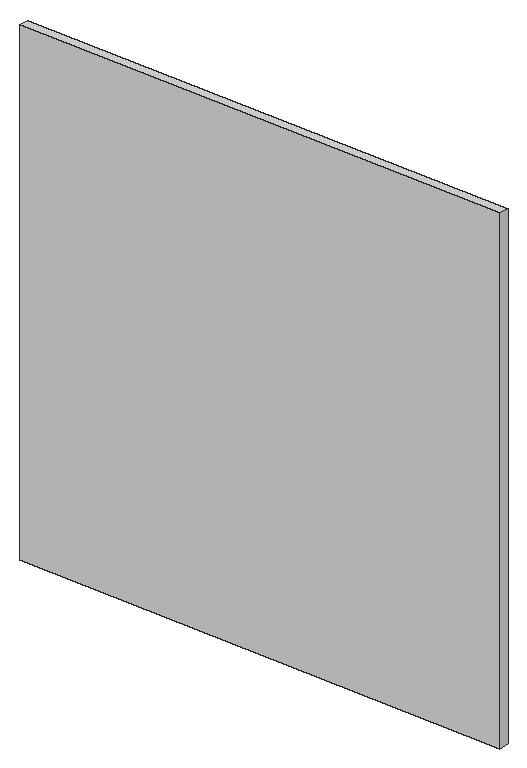
Revit family "Brick Campiña Marfil_309291051", category Modelos genéricos, Revit 2024
Family settings
  Puede alojar armadura = No
  Cota de conector redondo = Usar diámetro
  Tipo de pieza = Normal
  Se basa en plano de trabajo = No
  Siempre vertical = Sí
  Corte con vacíos al cargar = No
  Mantener orientación de anotación = No
  Compartido = No
  Punto de cálculo de habitación = No
Parameters
  Elevación por defecto = 0 mm
Reference planes
  plane 1 "Center (Front/Back)": y = 0
  plane 2: z = 0
  plane 3 "Center (Left/Right)": x = 0
Forms (mm)
  Extrusion 1, solid, material "Analytical Panels"
    sketch origin (0, 0, 0) x (1, 0, 0) y (0, 1, 0)
      loop
        line (-1366.384, -136.448) -> (-1366.384, -194.576) -> (1633.616, -194.576) -> (1633.616, -136.448) -> (-1366.384, -136.448)
    from 0 to 3000
Dimensions and locks
  Extrusion 1 sketch curve to Extrusion 1 sketch curve = 58.128 mm
  Extrusion 1 to Extrusion 1 = 3000 mm  (x2)
  aligned and locked: level to plane 2
